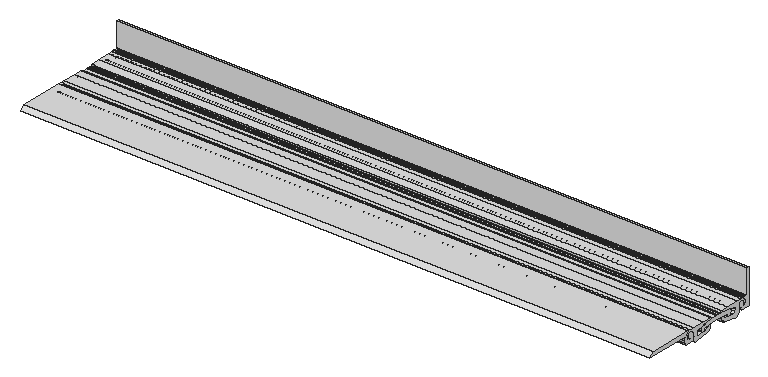
Revit family "Construction-Floors-Conecto-Aluminium Joints ALU AL.125.20", category Specialty Equipment, Revit 2015 (continued)
Definition of nested family "Standard"
  Automatic sketch dimensions
    Extrusion 25 sketch curve to Extrusion 25 sketch curve = 0.774 mm  (x2)
    Extrusion 25 sketch curve to Extrusion 25 sketch curve = 0.425 mm
    Extrusion 25 sketch curve to Extrusion 25 sketch curve = 0.097 mm
    Extrusion 25 sketch curve to Extrusion 25 sketch curve = 0.246 mm
    Extrusion 25 sketch curve to Extrusion 25 sketch curve = 0.831 mm
    Extrusion 25 sketch curve to Extrusion 25 sketch curve = 0.349 mm
    Extrusion 25 sketch curve to Extrusion 25 sketch curve = 0.778 mm
    Extrusion 25 sketch curve to Extrusion 25 sketch curve = 0.491 mm  (x2)
    plane 6 to Extrusion 25 sketch curve = 11.219 mm
    Extrusion 25 sketch curve to Extrusion 25 sketch curve = 0.697 mm
    Extrusion 25 sketch curve to Extrusion 25 sketch curve = 3.355 mm
    Extrusion 25 sketch curve to Extrusion 25 sketch curve = 0.719 mm
    Extrusion 25 sketch curve to Extrusion 25 sketch curve = 0.595 mm
    Extrusion 25 sketch curve to Extrusion 25 sketch curve = 0.952 mm
    Extrusion 25 sketch curve to Extrusion 25 sketch curve = 0.672 mm
    Extrusion 25 sketch curve to Extrusion 25 sketch curve = 0.908 mm
    Extrusion 25 sketch curve to Extrusion 25 sketch curve = 0.74 mm
    Extrusion 25 sketch curve to Extrusion 25 sketch curve = 0.885 mm  (x2)
    Extrusion 25 sketch curve to Extrusion 25 sketch curve = 0.607 mm
    Extrusion 25 sketch curve to Extrusion 25 sketch curve = 0.827 mm
    Extrusion 25 sketch curve to Extrusion 25 sketch curve = 0.459 mm
    Extrusion 25 sketch curve to Extrusion 25 sketch curve = 0.775 mm
    Extrusion 25 sketch curve to Extrusion 25 sketch curve = 0.787 mm
    Extrusion 25 sketch curve to Extrusion 25 sketch curve = 4.161 mm
    Extrusion 25 sketch curve to Extrusion 25 sketch curve = 2.296 mm
    Extrusion 25 sketch curve to Extrusion 25 sketch curve = 0.155 mm
    Extrusion 25 sketch curve to Extrusion 25 sketch curve = 2.645 mm
    Extrusion 25 sketch curve to Extrusion 25 sketch curve = 0.258 mm
    Extrusion 25 sketch curve to Extrusion 25 sketch curve = 0.789 mm
    Extrusion 25 sketch curve to Extrusion 25 sketch curve = 0.379 mm
    Extrusion 25 sketch curve to Extrusion 25 sketch curve = 0.889 mm
    Extrusion 25 sketch curve to Extrusion 25 sketch curve = 0.488 mm
    Extrusion 25 sketch curve to Extrusion 25 sketch curve = 0.741 mm
    Extrusion 25 sketch curve to Extrusion 25 sketch curve = 1.052 mm
    Extrusion 25 sketch curve to Extrusion 25 sketch curve = 0.656 mm  (x2)
    Extrusion 25 sketch curve to Extrusion 25 sketch curve = 0.298 mm
    Extrusion 25 sketch curve to Extrusion 25 sketch curve = 0.877 mm
    Extrusion 25 sketch curve to Extrusion 25 sketch curve = 0.492 mm
    Extrusion 25 sketch curve to Extrusion 25 sketch curve = 0.714 mm
    Extrusion 25 sketch curve to Extrusion 25 sketch curve = 0.767 mm
    Extrusion 25 sketch curve to Extrusion 25 sketch curve = 0.776 mm
    Extrusion 25 sketch curve to Extrusion 25 sketch curve = 0.629 mm
    Extrusion 25 sketch curve to Extrusion 25 sketch curve = 0.721 mm
    Extrusion 25 sketch curve to Extrusion 25 sketch curve = 0.523 mm
    Extrusion 25 sketch curve to Extrusion 25 sketch curve = 0.922 mm
    Extrusion 25 sketch curve to Extrusion 25 sketch curve = 0.347 mm
    Extrusion 25 sketch curve to Extrusion 25 sketch curve = 0.484 mm
    Extrusion 25 sketch curve to Extrusion 25 sketch curve = 0.085 mm
    Extrusion 25 sketch curve to Extrusion 25 sketch curve = 0.931 mm
    Extrusion 25 sketch curve to Extrusion 25 sketch curve = 0.833 mm
    plane 6 to Extrusion 25 sketch curve = 2.025 mm  (x2)
    Extrusion 25 sketch curve to Extrusion 25 sketch curve = 0.81 mm
    plane 6 to Extrusion 25 sketch curve = 0.891 mm  (x2)
    plane 6 to Extrusion 25 sketch curve = 0.11 mm
    Extrusion 25 sketch curve to Extrusion 25 sketch curve = 30.81 mm
    Extrusion 25 sketch curve to Extrusion 25 sketch curve = 4.279 mm
    Extrusion 25 sketch curve to Extrusion 25 sketch curve = 0.241 mm
    Extrusion 25 sketch curve to Extrusion 25 sketch curve = 0.255 mm
    Extrusion 25 sketch curve to Extrusion 25 sketch curve = 0.882 mm
    Extrusion 25 sketch curve to Extrusion 25 sketch curve = 1.898 mm
    Extrusion 25 sketch curve to Extrusion 25 sketch curve = 5.162 mm
    Extrusion 25 sketch curve to Extrusion 25 sketch curve = 0.794 mm
    Extrusion 25 sketch curve to Extrusion 25 sketch curve = 2.958 mm
    Extrusion 25 sketch curve to Extrusion 25 sketch curve = 0.406 mm
    Extrusion 25 sketch curve to Extrusion 25 sketch curve = 2.164 mm
    Extrusion 25 sketch curve to Extrusion 25 sketch curve = 0.749 mm
    Extrusion 25 sketch curve to Extrusion 25 sketch curve = 0.069 mm
    Extrusion 25 sketch curve to Extrusion 25 sketch curve = 0.151 mm
    Extrusion 25 sketch curve to Extrusion 25 sketch curve = 0.252 mm
    Extrusion 25 sketch curve to Extrusion 25 sketch curve = 0.38 mm
    Extrusion 25 sketch curve to Extrusion 25 sketch curve = 0.673 mm
    Extrusion 25 sketch curve to Extrusion 25 sketch curve = 3.295 mm  (x2)
    Extrusion 25 sketch curve to Extrusion 25 sketch curve = 0.993 mm
    Extrusion 25 sketch curve to Extrusion 25 sketch curve = 0.811 mm
    Extrusion 25 sketch curve to Extrusion 25 sketch curve = 0.804 mm
    Extrusion 25 sketch curve to Extrusion 25 sketch curve = 2.532 mm
    Extrusion 25 sketch curve to Extrusion 25 sketch curve = 0.601 mm
    Extrusion 25 sketch curve to Extrusion 25 sketch curve = 0.912 mm
    Extrusion 25 sketch curve to Extrusion 25 sketch curve = 0.917 mm
    Extrusion 25 sketch curve to Extrusion 25 sketch curve = 2.428 mm
    Extrusion 25 sketch curve to Extrusion 25 sketch curve = 0.795 mm
    Extrusion 25 sketch curve to Extrusion 25 sketch curve = 0.87 mm
    Extrusion 25 sketch curve to Extrusion 25 sketch curve = 2.001 mm
    Extrusion 25 sketch curve to Extrusion 25 sketch curve = 1.1 mm
    Extrusion 25 sketch curve to Extrusion 25 sketch curve = 1.105 mm
    Extrusion 25 sketch curve to Extrusion 25 sketch curve = 1.16 mm
    Extrusion 25 sketch curve to Extrusion 25 sketch curve = 0.798 mm
    Extrusion 25 sketch curve to Extrusion 25 sketch curve = 0.812 mm
    Extrusion 25 sketch curve to Extrusion 25 sketch curve = 1.3 mm
    Extrusion 25 sketch curve to Extrusion 25 sketch curve = 1.589 mm
    Extrusion 25 sketch curve to Extrusion 25 sketch curve = 0.729 mm
    Extrusion 25 sketch curve to Extrusion 25 sketch curve = 0.181 mm
    Extrusion 25 sketch curve to Extrusion 25 sketch curve = 0.71 mm
    Extrusion 25 sketch curve to Extrusion 25 sketch curve = 0.699 mm
    Extrusion 25 sketch curve to Extrusion 25 sketch curve = 0.638 mm
    Extrusion 25 sketch curve to Extrusion 25 sketch curve = 0.506 mm
    Extrusion 25 sketch curve to Extrusion 25 sketch curve = 0.373 mm
    Extrusion 25 sketch curve to Extrusion 25 sketch curve = 0.208 mm
    Extrusion 25 sketch curve to Extrusion 25 sketch curve = 0.144 mm
    Extrusion 25 sketch curve to Extrusion 25 sketch curve = 1.895 mm
    Extrusion 25 sketch curve to Extrusion 25 sketch curve = 0.735 mm
    Extrusion 25 sketch curve to Extrusion 25 sketch curve = 1.073 mm  (x2)
    Extrusion 25 sketch curve to Extrusion 25 sketch curve = 0.031 mm
    Extrusion 25 sketch curve to Extrusion 25 sketch curve = 0.237 mm
    Extrusion 25 sketch curve to Extrusion 25 sketch curve = 0.765 mm
    Extrusion 25 sketch curve to Extrusion 25 sketch curve = 1.007 mm
    plane 6 to Extrusion 26 sketch curve = 76.279 mm
    Extrusion 26 sketch curve to Extrusion 26 sketch curve = 0.134 mm
    Extrusion 26 sketch curve to Extrusion 26 sketch curve = 0.685 mm  (x2)
    Extrusion 26 sketch curve to Extrusion 26 sketch curve = 0.826 mm
    Extrusion 26 sketch curve to Extrusion 26 sketch curve = 1.425 mm
    Extrusion 26 sketch curve to Extrusion 26 sketch curve = 2.047 mm
    plane 6 to Extrusion 26 sketch curve = 16.442 mm
    Extrusion 26 sketch curve to Extrusion 26 sketch curve = 0.009 mm
    Extrusion 26 sketch curve to Extrusion 26 sketch curve = 0.041 mm
    Extrusion 26 sketch curve to Extrusion 26 sketch curve = 0.911 mm  (x2)
    Extrusion 26 sketch curve to Extrusion 26 sketch curve = 2.3 mm
    Extrusion 26 sketch curve to Extrusion 26 sketch curve = 2.339 mm
    Extrusion 26 sketch curve to Extrusion 26 sketch curve = 0.027 mm
    Extrusion 26 sketch curve to Extrusion 26 sketch curve = 0.499 mm
    Extrusion 26 sketch curve to Extrusion 26 sketch curve = 0.837 mm
    Extrusion 26 sketch curve to Extrusion 26 sketch curve = 0.786 mm  (x2)
    Extrusion 26 sketch curve to Extrusion 26 sketch curve = 0.774 mm  (x2)
    Extrusion 26 sketch curve to Extrusion 26 sketch curve = 0.425 mm
    Extrusion 26 sketch curve to Extrusion 26 sketch curve = 0.097 mm
    Extrusion 26 sketch curve to Extrusion 26 sketch curve = 0.246 mm  (x2)
    Extrusion 26 sketch curve to Extrusion 26 sketch curve = 0.831 mm
    Extrusion 26 sketch curve to Extrusion 26 sketch curve = 0.349 mm
    Extrusion 26 sketch curve to Extrusion 26 sketch curve = 0.778 mm
    Extrusion 26 sketch curve to Extrusion 26 sketch curve = 0.491 mm  (x2)
    plane 6 to Extrusion 26 sketch curve = 11.178 mm
    Extrusion 26 sketch curve to Extrusion 26 sketch curve = 0.697 mm
    Extrusion 26 sketch curve to Extrusion 26 sketch curve = 3.355 mm
    Extrusion 26 sketch curve to Extrusion 26 sketch curve = 0.719 mm
    Extrusion 26 sketch curve to Extrusion 26 sketch curve = 0.595 mm
    Extrusion 26 sketch curve to Extrusion 26 sketch curve = 0.672 mm
    Extrusion 26 sketch curve to Extrusion 26 sketch curve = 0.908 mm
    Extrusion 26 sketch curve to Extrusion 26 sketch curve = 1.394 mm
    Extrusion 26 sketch curve to Extrusion 26 sketch curve = 0.74 mm
    Extrusion 26 sketch curve to Extrusion 26 sketch curve = 0.885 mm  (x2)
    Extrusion 26 sketch curve to Extrusion 26 sketch curve = 0.607 mm
    Extrusion 26 sketch curve to Extrusion 26 sketch curve = 0.827 mm
    Extrusion 26 sketch curve to Extrusion 26 sketch curve = 0.459 mm
    Extrusion 26 sketch curve to Extrusion 26 sketch curve = 0.775 mm
    Extrusion 26 sketch curve to Extrusion 26 sketch curve = 1.332 mm
    Extrusion 26 sketch curve to Extrusion 26 sketch curve = 0.787 mm
    Extrusion 26 sketch curve to Extrusion 26 sketch curve = 4.161 mm
    Extrusion 26 sketch curve to Extrusion 26 sketch curve = 0.155 mm
    Extrusion 26 sketch curve to Extrusion 26 sketch curve = 2.645 mm
    Extrusion 26 sketch curve to Extrusion 26 sketch curve = 0.258 mm
    Extrusion 26 sketch curve to Extrusion 26 sketch curve = 0.789 mm
    Extrusion 26 sketch curve to Extrusion 26 sketch curve = 0.379 mm
    Extrusion 26 sketch curve to Extrusion 26 sketch curve = 1.017 mm
    Extrusion 26 sketch curve to Extrusion 26 sketch curve = 0.889 mm  (x2)
    Extrusion 26 sketch curve to Extrusion 26 sketch curve = 0.488 mm
    Extrusion 26 sketch curve to Extrusion 26 sketch curve = 0.741 mm
    Extrusion 26 sketch curve to Extrusion 26 sketch curve = 0.656 mm  (x2)
    Extrusion 26 sketch curve to Extrusion 26 sketch curve = 0.298 mm
    Extrusion 26 sketch curve to Extrusion 26 sketch curve = 0.877 mm
    Extrusion 26 sketch curve to Extrusion 26 sketch curve = 0.492 mm
    Extrusion 26 sketch curve to Extrusion 26 sketch curve = 0.714 mm
    Extrusion 26 sketch curve to Extrusion 26 sketch curve = 0.376 mm
    Extrusion 26 sketch curve to Extrusion 26 sketch curve = 0.776 mm
    Extrusion 26 sketch curve to Extrusion 26 sketch curve = 0.629 mm
    Extrusion 26 sketch curve to Extrusion 26 sketch curve = 0.721 mm
    Extrusion 26 sketch curve to Extrusion 26 sketch curve = 0.523 mm
    Extrusion 26 sketch curve to Extrusion 26 sketch curve = 0.922 mm
    Extrusion 26 sketch curve to Extrusion 26 sketch curve = 0.347 mm
    Extrusion 26 sketch curve to Extrusion 26 sketch curve = 0.484 mm
    Extrusion 26 sketch curve to Extrusion 26 sketch curve = 0.085 mm
    Extrusion 26 sketch curve to Extrusion 26 sketch curve = 0.931 mm
    Extrusion 26 sketch curve to Extrusion 26 sketch curve = 0.833 mm
    plane 6 to Extrusion 26 sketch curve = 2.043 mm  (x2)
    Extrusion 26 sketch curve to Extrusion 26 sketch curve = 0.81 mm
    plane 6 to Extrusion 26 sketch curve = 0.908 mm  (x2)
    plane 6 to Extrusion 26 sketch curve = 0.127 mm
    Extrusion 26 sketch curve to Extrusion 26 sketch curve = 4.284 mm
    Extrusion 26 sketch curve to Extrusion 26 sketch curve = 0.117 mm
    Extrusion 26 sketch curve to Extrusion 26 sketch curve = 0.37 mm
    Extrusion 26 sketch curve to Extrusion 26 sketch curve = 1.059 mm
    Extrusion 26 sketch curve to Extrusion 26 sketch curve = 1.033 mm
    Extrusion 26 sketch curve to Extrusion 26 sketch curve = 5.162 mm
    Extrusion 26 sketch curve to Extrusion 26 sketch curve = 0.794 mm
    Extrusion 26 sketch curve to Extrusion 26 sketch curve = 2.958 mm
    Extrusion 26 sketch curve to Extrusion 26 sketch curve = 0.406 mm
    Extrusion 26 sketch curve to Extrusion 26 sketch curve = 2.164 mm
    Extrusion 26 sketch curve to Extrusion 26 sketch curve = 0.749 mm
    Extrusion 26 sketch curve to Extrusion 26 sketch curve = 0.069 mm
    Extrusion 26 sketch curve to Extrusion 26 sketch curve = 0.151 mm
    Extrusion 26 sketch curve to Extrusion 26 sketch curve = 0.252 mm
    Extrusion 26 sketch curve to Extrusion 26 sketch curve = 0.38 mm
    Extrusion 26 sketch curve to Extrusion 26 sketch curve = 0.673 mm
    Extrusion 26 sketch curve to Extrusion 26 sketch curve = 3.295 mm  (x2)
    Extrusion 26 sketch curve to Extrusion 26 sketch curve = 0.993 mm
    Extrusion 26 sketch curve to Extrusion 26 sketch curve = 0.811 mm
    Extrusion 26 sketch curve to Extrusion 26 sketch curve = 0.804 mm
    Extrusion 26 sketch curve to Extrusion 26 sketch curve = 2.532 mm
    Extrusion 26 sketch curve to Extrusion 26 sketch curve = 0.302 mm
    Extrusion 26 sketch curve to Extrusion 26 sketch curve = 0.912 mm
    Extrusion 26 sketch curve to Extrusion 26 sketch curve = 0.917 mm
    Extrusion 26 sketch curve to Extrusion 26 sketch curve = 2.428 mm
    Extrusion 26 sketch curve to Extrusion 26 sketch curve = 0.795 mm
    Extrusion 26 sketch curve to Extrusion 26 sketch curve = 0.87 mm
    Extrusion 26 sketch curve to Extrusion 26 sketch curve = 2.001 mm
    Extrusion 26 sketch curve to Extrusion 26 sketch curve = 1.1 mm
    Extrusion 26 sketch curve to Extrusion 26 sketch curve = 1.105 mm
    Extrusion 26 sketch curve to Extrusion 26 sketch curve = 1.16 mm
    Extrusion 26 sketch curve to Extrusion 26 sketch curve = 0.798 mm
    Extrusion 26 sketch curve to Extrusion 26 sketch curve = 0.812 mm
    Extrusion 26 sketch curve to Extrusion 26 sketch curve = 1.3 mm
    Extrusion 26 sketch curve to Extrusion 26 sketch curve = 1.589 mm
    Extrusion 26 sketch curve to Extrusion 26 sketch curve = 0.729 mm
    Extrusion 26 sketch curve to Extrusion 26 sketch curve = 0.181 mm
    Extrusion 26 sketch curve to Extrusion 26 sketch curve = 0.71 mm
    Extrusion 26 sketch curve to Extrusion 26 sketch curve = 0.699 mm
    Extrusion 26 sketch curve to Extrusion 26 sketch curve = 0.638 mm
    Extrusion 26 sketch curve to Extrusion 26 sketch curve = 0.506 mm
    Extrusion 26 sketch curve to Extrusion 26 sketch curve = 0.373 mm
    Extrusion 26 sketch curve to Extrusion 26 sketch curve = 0.208 mm
    Extrusion 26 sketch curve to Extrusion 26 sketch curve = 0.144 mm
    Extrusion 26 sketch curve to Extrusion 26 sketch curve = 1.895 mm
    Extrusion 26 sketch curve to Extrusion 26 sketch curve = 0.735 mm
    Extrusion 26 sketch curve to Extrusion 26 sketch curve = 1.073 mm  (x2)
    Extrusion 26 sketch curve to Extrusion 26 sketch curve = 0.031 mm
    Extrusion 26 sketch curve to Extrusion 26 sketch curve = 0.237 mm
    Extrusion 26 sketch curve to Extrusion 26 sketch curve = 0.765 mm
    Extrusion 26 sketch curve to Extrusion 26 sketch curve = 2.288 mm
    Extrusion 27 sketch curve to plane 6 = 0 mm
    plane 6 to Extrusion 27 sketch curve = 0.317 mm
    plane 6 to Extrusion 27 sketch curve = 0.661 mm
    plane 6 to Extrusion 27 sketch curve = 0.997 mm
    Extrusion 27 sketch curve to Extrusion 27 sketch curve = 0.977 mm
    Extrusion 27 sketch curve to Extrusion 27 sketch curve = 1.018 mm
    Extrusion 27 sketch curve to Extrusion 27 sketch curve = 1.002 mm
    Extrusion 27 sketch curve to Extrusion 27 sketch curve = 1.162 mm
    Extrusion 27 sketch curve to Extrusion 27 sketch curve = 0.845 mm
    plane 6 to Extrusion 27 sketch curve = 6.802 mm
    Extrusion 27 sketch curve to Extrusion 27 sketch curve = 0.16 mm
    Extrusion 27 sketch curve to Extrusion 27 sketch curve = 1.009 mm
    Extrusion 27 sketch curve to Extrusion 27 sketch curve = 0.625 mm
    Extrusion 27 sketch curve to Extrusion 27 sketch curve = 0.516 mm
    Extrusion 27 sketch curve to Extrusion 27 sketch curve = 0.635 mm
    Extrusion 27 sketch curve to Extrusion 27 sketch curve = 0.289 mm
    Extrusion 27 sketch curve to Extrusion 27 sketch curve = 0.373 mm
    Extrusion 27 sketch curve to Extrusion 27 sketch curve = 0.077 mm
    Extrusion 27 sketch curve to Extrusion 27 sketch curve = 3.01 mm
    Extrusion 27 sketch curve to Extrusion 27 sketch curve = 0.17 mm
    Extrusion 27 sketch curve to Extrusion 27 sketch curve = 3.066 mm
    Extrusion 27 sketch curve to Extrusion 27 sketch curve = 1.906 mm
    Extrusion 27 sketch curve to Extrusion 27 sketch curve = 0.766 mm
    Extrusion 27 sketch curve to Extrusion 27 sketch curve = 0.379 mm
    Extrusion 27 sketch curve to Extrusion 27 sketch curve = 0.528 mm
    Extrusion 27 sketch curve to Extrusion 27 sketch curve = 0.965 mm
    Extrusion 27 sketch curve to Extrusion 27 sketch curve = 0.696 mm
    Extrusion 27 sketch curve to Extrusion 27 sketch curve = 0.241 mm
    Extrusion 27 sketch curve to Extrusion 27 sketch curve = 0.175 mm
    Extrusion 27 sketch curve to Extrusion 27 sketch curve = 2.045 mm
    Extrusion 27 sketch curve to Extrusion 27 sketch curve = 1.039 mm
    Extrusion 27 sketch curve to Extrusion 27 sketch curve = 1.103 mm
    Extrusion 27 sketch curve to Extrusion 27 sketch curve = 0.798 mm
    Extrusion 27 sketch curve to Extrusion 27 sketch curve = 0.732 mm
    Extrusion 27 sketch curve to Extrusion 27 sketch curve = 0.662 mm
    Extrusion 27 sketch curve to Extrusion 27 sketch curve = 0.349 mm
    Extrusion 27 sketch curve to Extrusion 27 sketch curve = 4.02 mm
    Extrusion 27 sketch curve to Extrusion 27 sketch curve = 0.832 mm
    Extrusion 27 sketch curve to Extrusion 27 sketch curve = 0.298 mm
    Extrusion 27 sketch curve to Extrusion 27 sketch curve = 0.306 mm
    Extrusion 27 sketch curve to Extrusion 27 sketch curve = 0.729 mm
    Extrusion 27 sketch curve to Extrusion 27 sketch curve = 0.775 mm
    Extrusion 27 sketch curve to Extrusion 27 sketch curve = 1.062 mm
    Extrusion 27 sketch curve to Extrusion 27 sketch curve = 1.113 mm
    Extrusion 27 sketch curve to Extrusion 27 sketch curve = 2.023 mm
    Extrusion 27 sketch curve to Extrusion 27 sketch curve = 54.732 mm
    Extrusion 27 sketch curve to Extrusion 27 sketch curve = 7.796 mm
    Extrusion 27 sketch curve to Extrusion 27 sketch curve = 0.76 mm
    Extrusion 27 sketch curve to Extrusion 27 sketch curve = 0.824 mm
    Extrusion 27 sketch curve to Extrusion 27 sketch curve = 0.907 mm
    Extrusion 27 sketch curve to Extrusion 27 sketch curve = 1.22 mm
    Extrusion 27 sketch curve to Extrusion 27 sketch curve = 2.629 mm
    Extrusion 27 sketch curve to Extrusion 27 sketch curve = 0.878 mm
    Extrusion 27 sketch curve to Extrusion 27 sketch curve = 0.93 mm
    Extrusion 27 sketch curve to Extrusion 27 sketch curve = 1.667 mm
    Extrusion 27 sketch curve to Extrusion 27 sketch curve = 1.629 mm
    Extrusion 27 sketch curve to Extrusion 27 sketch curve = 0.794 mm
    Extrusion 27 sketch curve to Extrusion 27 sketch curve = 0.971 mm
    Extrusion 27 sketch curve to Extrusion 27 sketch curve = 1.003 mm
    Extrusion 27 sketch curve to Extrusion 27 sketch curve = 0.737 mm
    Extrusion 27 sketch curve to Extrusion 27 sketch curve = 1.239 mm
    Extrusion 27 sketch curve to Extrusion 27 sketch curve = 0.423 mm
    Extrusion 27 sketch curve to Extrusion 27 sketch curve = 0.543 mm
    Extrusion 27 sketch curve to Extrusion 27 sketch curve = 0.849 mm
    Extrusion 27 sketch curve to Extrusion 27 sketch curve = 0.788 mm
    Extrusion 27 sketch curve to Extrusion 27 sketch curve = 0.386 mm
    Extrusion 27 sketch curve to Extrusion 27 sketch curve = 0.039 mm
    Extrusion 27 sketch curve to Extrusion 27 sketch curve = 0.749 mm
    Extrusion 27 sketch curve to Extrusion 27 sketch curve = 0.475 mm
    Extrusion 27 sketch curve to Extrusion 27 sketch curve = 0.394 mm
    Extrusion 27 sketch curve to Extrusion 27 sketch curve = 0.105 mm
    Extrusion 27 sketch curve to Extrusion 27 sketch curve = 1.841 mm
    Extrusion 27 sketch curve to Extrusion 27 sketch curve = 0.909 mm  (x2)
    Extrusion 27 sketch curve to Extrusion 27 sketch curve = 0.813 mm
    Extrusion 27 sketch curve to Extrusion 27 sketch curve = 0.946 mm
    Extrusion 27 sketch curve to Extrusion 27 sketch curve = 0.488 mm
    Extrusion 27 sketch curve to Extrusion 27 sketch curve = 1.614 mm
    plane 6 to Extrusion 28 sketch curve = 74.384 mm
    Extrusion 28 sketch curve to Extrusion 28 sketch curve = 0.43 mm
    Extrusion 28 sketch curve to Extrusion 28 sketch curve = 0.937 mm  (x2)
    Extrusion 28 sketch curve to Extrusion 28 sketch curve = 2.098 mm
    Extrusion 28 sketch curve to Extrusion 28 sketch curve = 1.054 mm  (x2)
    plane 6 to Extrusion 28 sketch curve = 17.576 mm
    Extrusion 28 sketch curve to Extrusion 28 sketch curve = 0.775 mm
    Extrusion 28 sketch curve to Extrusion 28 sketch curve = 0.377 mm
    Extrusion 28 sketch curve to Extrusion 28 sketch curve = 2.284 mm
    Extrusion 28 sketch curve to Extrusion 28 sketch curve = 0.065 mm
    Extrusion 28 sketch curve to Extrusion 28 sketch curve = 0.485 mm
    Extrusion 28 sketch curve to Extrusion 28 sketch curve = 0.623 mm  (x2)
    Extrusion 28 sketch curve to Extrusion 28 sketch curve = 1.105 mm
    Extrusion 28 sketch curve to Extrusion 28 sketch curve = 1.02 mm
    Extrusion 28 sketch curve to Extrusion 28 sketch curve = 0.107 mm
    Extrusion 28 sketch curve to Extrusion 28 sketch curve = 0.272 mm
    Extrusion 28 sketch curve to Extrusion 28 sketch curve = 0.182 mm
    Extrusion 28 sketch curve to Extrusion 28 sketch curve = 0.098 mm
    Extrusion 28 sketch curve to Extrusion 28 sketch curve = 0.591 mm
    Extrusion 28 sketch curve to Extrusion 28 sketch curve = 0.332 mm
    Extrusion 28 sketch curve to Extrusion 28 sketch curve = 0.589 mm
    Extrusion 28 sketch curve to Extrusion 28 sketch curve = 2.296 mm
    Extrusion 28 sketch curve to Extrusion 28 sketch curve = 4.118 mm
    Extrusion 28 sketch curve to Extrusion 28 sketch curve = 0.069 mm
    Extrusion 28 sketch curve to Extrusion 28 sketch curve = 0.189 mm
    Extrusion 28 sketch curve to Extrusion 28 sketch curve = 0.132 mm
    Extrusion 28 sketch curve to Extrusion 28 sketch curve = 0.433 mm
    Extrusion 28 sketch curve to Extrusion 28 sketch curve = 0.556 mm
    Extrusion 28 sketch curve to Extrusion 28 sketch curve = 0.586 mm
    Extrusion 28 sketch curve to Extrusion 28 sketch curve = 0.467 mm
    Extrusion 28 sketch curve to Extrusion 28 sketch curve = 0.54 mm
    Extrusion 28 sketch curve to Extrusion 28 sketch curve = 0.734 mm
    Extrusion 28 sketch curve to Extrusion 28 sketch curve = 0.731 mm
    Extrusion 28 sketch curve to Extrusion 28 sketch curve = 0.807 mm
    Extrusion 28 sketch curve to Extrusion 28 sketch curve = 0.833 mm
    Extrusion 28 sketch curve to Extrusion 28 sketch curve = 0.78 mm
    Extrusion 28 sketch curve to Extrusion 28 sketch curve = 0.732 mm
    Extrusion 28 sketch curve to Extrusion 28 sketch curve = 0.914 mm
    plane 6 to Extrusion 28 sketch curve = 0.641 mm
    plane 6 to Extrusion 28 sketch curve = 0.242 mm
    Extrusion 28 sketch curve to Extrusion 28 sketch curve = 0.531 mm
    Extrusion 28 sketch curve to Extrusion 28 sketch curve = 0.532 mm
    Extrusion 28 sketch curve to Extrusion 28 sketch curve = 0.709 mm
    Extrusion 28 sketch curve to Extrusion 28 sketch curve = 0.883 mm
    Extrusion 28 sketch curve to Extrusion 28 sketch curve = 0.643 mm
    Extrusion 28 sketch curve to Extrusion 28 sketch curve = 0.964 mm
    Extrusion 28 sketch curve to Extrusion 28 sketch curve = 0.834 mm
    Extrusion 28 sketch curve to Extrusion 28 sketch curve = 2.188 mm
    Extrusion 28 sketch curve to Extrusion 28 sketch curve = 0.784 mm
    Extrusion 28 sketch curve to Extrusion 28 sketch curve = 1.019 mm
    Extrusion 28 sketch curve to Extrusion 28 sketch curve = 0.89 mm
    Extrusion 28 sketch curve to Extrusion 28 sketch curve = 1.097 mm
    Extrusion 28 sketch curve to Extrusion 28 sketch curve = 0.938 mm
    Extrusion 28 sketch curve to Extrusion 28 sketch curve = 1.103 mm
    Extrusion 28 sketch curve to Extrusion 28 sketch curve = 0.798 mm
    Extrusion 28 sketch curve to Extrusion 28 sketch curve = 1.151 mm
    Extrusion 28 sketch curve to Extrusion 28 sketch curve = 0.621 mm
    Extrusion 28 sketch curve to Extrusion 28 sketch curve = 0.495 mm
    Extrusion 28 sketch curve to Extrusion 28 sketch curve = 0.64 mm
    Extrusion 28 sketch curve to Extrusion 28 sketch curve = 0.31 mm
    Extrusion 28 sketch curve to Extrusion 28 sketch curve = 0.281 mm
    Extrusion 28 sketch curve to Extrusion 28 sketch curve = 0.157 mm
    Extrusion 28 sketch curve to Extrusion 28 sketch curve = 0.166 mm
    Extrusion 28 sketch curve to Extrusion 28 sketch curve = 0.93 mm
    Extrusion 28 sketch curve to Extrusion 28 sketch curve = 1.828 mm
    Extrusion 28 sketch curve to Extrusion 28 sketch curve = 1.04 mm
    Extrusion 28 sketch curve to Extrusion 28 sketch curve = 0.911 mm
    Extrusion 28 sketch curve to Extrusion 28 sketch curve = 0.491 mm
    Extrusion 28 sketch curve to Extrusion 28 sketch curve = 1.053 mm
    Extrusion 28 sketch curve to Extrusion 28 sketch curve = 1.425 mm
    plane 6 to Extrusion 29 sketch curve = 74.364 mm
    Extrusion 29 sketch curve to Extrusion 29 sketch curve = 0.43 mm
    Extrusion 29 sketch curve to Extrusion 29 sketch curve = 2.098 mm
    Extrusion 29 sketch curve to Extrusion 29 sketch curve = 1.054 mm  (x2)
    plane 6 to Extrusion 29 sketch curve = 17.556 mm
    Extrusion 29 sketch curve to Extrusion 29 sketch curve = 0.775 mm
    Extrusion 29 sketch curve to Extrusion 29 sketch curve = 0.377 mm
    Extrusion 29 sketch curve to Extrusion 29 sketch curve = 2.284 mm
    Extrusion 29 sketch curve to Extrusion 29 sketch curve = 0.065 mm
    Extrusion 29 sketch curve to Extrusion 29 sketch curve = 0.485 mm
    Extrusion 29 sketch curve to Extrusion 29 sketch curve = 0.623 mm  (x2)
    Extrusion 29 sketch curve to Extrusion 29 sketch curve = 1.105 mm
    Extrusion 29 sketch curve to Extrusion 29 sketch curve = 1.02 mm
    Extrusion 29 sketch curve to Extrusion 29 sketch curve = 0.107 mm
    Extrusion 29 sketch curve to Extrusion 29 sketch curve = 0.272 mm
    Extrusion 29 sketch curve to Extrusion 29 sketch curve = 0.182 mm
    Extrusion 29 sketch curve to Extrusion 29 sketch curve = 0.098 mm
    Extrusion 29 sketch curve to Extrusion 29 sketch curve = 4.529 mm
    Extrusion 29 sketch curve to Extrusion 29 sketch curve = 0.102 mm
    Extrusion 29 sketch curve to Extrusion 29 sketch curve = 0.291 mm
    Extrusion 29 sketch curve to Extrusion 29 sketch curve = 0.591 mm
    Extrusion 29 sketch curve to Extrusion 29 sketch curve = 0.304 mm
    Extrusion 29 sketch curve to Extrusion 29 sketch curve = 0.332 mm
    Extrusion 29 sketch curve to Extrusion 29 sketch curve = 0.574 mm
    Extrusion 29 sketch curve to Extrusion 29 sketch curve = 0.589 mm
    Extrusion 29 sketch curve to Extrusion 29 sketch curve = 0.534 mm
    Extrusion 29 sketch curve to Extrusion 29 sketch curve = 0.778 mm
    Extrusion 29 sketch curve to Extrusion 29 sketch curve = 2.296 mm
    Extrusion 29 sketch curve to Extrusion 29 sketch curve = 1.352 mm
    Extrusion 29 sketch curve to Extrusion 29 sketch curve = 4.118 mm
    Extrusion 29 sketch curve to Extrusion 29 sketch curve = 0.069 mm
    Extrusion 29 sketch curve to Extrusion 29 sketch curve = 0.189 mm
    Extrusion 29 sketch curve to Extrusion 29 sketch curve = 0.132 mm
    Extrusion 29 sketch curve to Extrusion 29 sketch curve = 0.433 mm
    Extrusion 29 sketch curve to Extrusion 29 sketch curve = 1.397 mm
    Extrusion 29 sketch curve to Extrusion 29 sketch curve = 0.556 mm
    Extrusion 29 sketch curve to Extrusion 29 sketch curve = 0.586 mm
    Extrusion 29 sketch curve to Extrusion 29 sketch curve = 0.467 mm
    Extrusion 29 sketch curve to Extrusion 29 sketch curve = 0.54 mm
    Extrusion 29 sketch curve to Extrusion 29 sketch curve = 4.097 mm
    Extrusion 29 sketch curve to Extrusion 29 sketch curve = 0.116 mm
    Extrusion 29 sketch curve to Extrusion 29 sketch curve = 1.064 mm
    Extrusion 29 sketch curve to Extrusion 29 sketch curve = 0.693 mm
    Extrusion 29 sketch curve to Extrusion 29 sketch curve = 0.734 mm  (x2)
    Extrusion 29 sketch curve to Extrusion 29 sketch curve = 0.249 mm
    Extrusion 29 sketch curve to Extrusion 29 sketch curve = 0.731 mm
    Extrusion 29 sketch curve to Extrusion 29 sketch curve = 0.807 mm
    Extrusion 29 sketch curve to Extrusion 29 sketch curve = 0.833 mm
    Extrusion 29 sketch curve to Extrusion 29 sketch curve = 0.78 mm
    Extrusion 29 sketch curve to Extrusion 29 sketch curve = 0.732 mm
    Extrusion 29 sketch curve to Extrusion 29 sketch curve = 0.914 mm
    plane 6 to Extrusion 29 sketch curve = 0.621 mm
    plane 6 to Extrusion 29 sketch curve = 0.222 mm
    Extrusion 29 sketch curve to Extrusion 29 sketch curve = 0.006 mm
    Extrusion 29 sketch curve to Extrusion 29 sketch curve = 0.829 mm
    Extrusion 29 sketch curve to Extrusion 29 sketch curve = 0.931 mm
    Extrusion 29 sketch curve to Extrusion 29 sketch curve = 0.856 mm
    Extrusion 29 sketch curve to Extrusion 29 sketch curve = 0.688 mm
    Extrusion 29 sketch curve to Extrusion 29 sketch curve = 1.414 mm
    Extrusion 29 sketch curve to Extrusion 29 sketch curve = 0.532 mm
    Extrusion 29 sketch curve to Extrusion 29 sketch curve = 0.883 mm
    Extrusion 29 sketch curve to Extrusion 29 sketch curve = 0.643 mm
    Extrusion 29 sketch curve to Extrusion 29 sketch curve = 0.964 mm
    Extrusion 29 sketch curve to Extrusion 29 sketch curve = 0.834 mm
    Extrusion 29 sketch curve to Extrusion 29 sketch curve = 2.188 mm
    Extrusion 29 sketch curve to Extrusion 29 sketch curve = 0.784 mm
    Extrusion 29 sketch curve to Extrusion 29 sketch curve = 1.019 mm
    Extrusion 29 sketch curve to Extrusion 29 sketch curve = 0.89 mm
    Extrusion 29 sketch curve to Extrusion 29 sketch curve = 1.097 mm
    Extrusion 29 sketch curve to Extrusion 29 sketch curve = 0.938 mm
    Extrusion 29 sketch curve to Extrusion 29 sketch curve = 1.103 mm
    Extrusion 29 sketch curve to Extrusion 29 sketch curve = 0.798 mm
    Extrusion 29 sketch curve to Extrusion 29 sketch curve = 1.151 mm
    Extrusion 29 sketch curve to Extrusion 29 sketch curve = 0.621 mm
    Extrusion 29 sketch curve to Extrusion 29 sketch curve = 0.495 mm
    Extrusion 29 sketch curve to Extrusion 29 sketch curve = 0.64 mm
    Extrusion 29 sketch curve to Extrusion 29 sketch curve = 0.31 mm
    Extrusion 29 sketch curve to Extrusion 29 sketch curve = 0.281 mm
    Extrusion 29 sketch curve to Extrusion 29 sketch curve = 0.157 mm
    Extrusion 29 sketch curve to Extrusion 29 sketch curve = 0.166 mm
    Extrusion 29 sketch curve to Extrusion 29 sketch curve = 0.93 mm
    Extrusion 29 sketch curve to Extrusion 29 sketch curve = 1.828 mm
    Extrusion 29 sketch curve to Extrusion 29 sketch curve = 1.04 mm
    Extrusion 29 sketch curve to Extrusion 29 sketch curve = 0.911 mm
    Extrusion 29 sketch curve to Extrusion 29 sketch curve = 0.491 mm
    Extrusion 29 sketch curve to Extrusion 29 sketch curve = 1.053 mm
    Extrusion 29 sketch curve to Extrusion 29 sketch curve = 2.626 mm
    plane 6 to Extrusion 30 sketch curve = 74.226 mm
    Extrusion 30 sketch curve to Extrusion 30 sketch curve = 0.749 mm
    Extrusion 30 sketch curve to Extrusion 30 sketch curve = 1.78 mm
    Extrusion 30 sketch curve to Extrusion 30 sketch curve = 1.537 mm
    Extrusion 30 sketch curve to Extrusion 30 sketch curve = 1.854 mm
    plane 6 to Extrusion 30 sketch curve = 16.416 mm
    Extrusion 30 sketch curve to Extrusion 30 sketch curve = 0.43 mm
    Extrusion 30 sketch curve to Extrusion 30 sketch curve = 2.284 mm
    Extrusion 30 sketch curve to Extrusion 30 sketch curve = 0.065 mm
    Extrusion 30 sketch curve to Extrusion 30 sketch curve = 0.485 mm
    Extrusion 30 sketch curve to Extrusion 30 sketch curve = 0.623 mm  (x2)
    Extrusion 30 sketch curve to Extrusion 30 sketch curve = 3.012 mm
    Extrusion 30 sketch curve to Extrusion 30 sketch curve = 3.271 mm
    Extrusion 30 sketch curve to Extrusion 30 sketch curve = 1.105 mm
    Extrusion 30 sketch curve to Extrusion 30 sketch curve = 1.02 mm
    Extrusion 30 sketch curve to Extrusion 30 sketch curve = 0.107 mm
    Extrusion 30 sketch curve to Extrusion 30 sketch curve = 0.272 mm
    Extrusion 30 sketch curve to Extrusion 30 sketch curve = 0.182 mm
    Extrusion 30 sketch curve to Extrusion 30 sketch curve = 0.098 mm
    Extrusion 30 sketch curve to Extrusion 30 sketch curve = 0.803 mm
    Extrusion 30 sketch curve to Extrusion 30 sketch curve = 1.154 mm
    Extrusion 30 sketch curve to Extrusion 30 sketch curve = 0.591 mm  (x2)
    Extrusion 30 sketch curve to Extrusion 30 sketch curve = 1.054 mm
    Extrusion 30 sketch curve to Extrusion 30 sketch curve = 0.626 mm
    Extrusion 30 sketch curve to Extrusion 30 sketch curve = 0.332 mm
    Extrusion 30 sketch curve to Extrusion 30 sketch curve = 0.589 mm
    Extrusion 30 sketch curve to Extrusion 30 sketch curve = 0.908 mm
    Extrusion 30 sketch curve to Extrusion 30 sketch curve = 2.519 mm
    Extrusion 30 sketch curve to Extrusion 30 sketch curve = 2.296 mm
    Extrusion 30 sketch curve to Extrusion 30 sketch curve = 1.233 mm
    Extrusion 30 sketch curve to Extrusion 30 sketch curve = 4.118 mm
    Extrusion 30 sketch curve to Extrusion 30 sketch curve = 0.069 mm
    Extrusion 30 sketch curve to Extrusion 30 sketch curve = 0.189 mm
    Extrusion 30 sketch curve to Extrusion 30 sketch curve = 0.132 mm
    Extrusion 30 sketch curve to Extrusion 30 sketch curve = 1.181 mm
    Extrusion 30 sketch curve to Extrusion 30 sketch curve = 0.433 mm
    Extrusion 30 sketch curve to Extrusion 30 sketch curve = 0.556 mm
    Extrusion 30 sketch curve to Extrusion 30 sketch curve = 0.586 mm
    Extrusion 30 sketch curve to Extrusion 30 sketch curve = 2.086 mm
    Extrusion 30 sketch curve to Extrusion 30 sketch curve = 0.54 mm
    Extrusion 30 sketch curve to Extrusion 30 sketch curve = 1.13 mm
    Extrusion 30 sketch curve to Extrusion 30 sketch curve = 0.926 mm
    Extrusion 30 sketch curve to Extrusion 30 sketch curve = 0.734 mm
    Extrusion 30 sketch curve to Extrusion 30 sketch curve = 0.939 mm  (x2)
    Extrusion 30 sketch curve to Extrusion 30 sketch curve = 0.654 mm
    Extrusion 30 sketch curve to Extrusion 30 sketch curve = 0.731 mm
    Extrusion 30 sketch curve to Extrusion 30 sketch curve = 0.456 mm
    Extrusion 30 sketch curve to Extrusion 30 sketch curve = 0.807 mm
    Extrusion 30 sketch curve to Extrusion 30 sketch curve = 0.833 mm
    Extrusion 30 sketch curve to Extrusion 30 sketch curve = 0.78 mm
    Extrusion 30 sketch curve to Extrusion 30 sketch curve = 0.732 mm
    Extrusion 30 sketch curve to Extrusion 30 sketch curve = 0.914 mm
    plane 6 to Extrusion 30 sketch curve = 0.633 mm
    plane 6 to Extrusion 30 sketch curve = 0.234 mm
    Extrusion 30 sketch curve to Extrusion 30 sketch curve = 12.646 mm
    Extrusion 30 sketch curve to Extrusion 30 sketch curve = 1.028 mm
    Extrusion 30 sketch curve to Extrusion 30 sketch curve = 0.44 mm
    Extrusion 30 sketch curve to Extrusion 30 sketch curve = 0.145 mm
    Extrusion 30 sketch curve to Extrusion 30 sketch curve = 0.151 mm
    Extrusion 30 sketch curve to Extrusion 30 sketch curve = 0.462 mm
    Extrusion 30 sketch curve to Extrusion 30 sketch curve = 0.576 mm
    Extrusion 30 sketch curve to Extrusion 30 sketch curve = 0.472 mm
    Extrusion 30 sketch curve to Extrusion 30 sketch curve = 1.607 mm
    Extrusion 30 sketch curve to Extrusion 30 sketch curve = 1.617 mm
    Extrusion 30 sketch curve to Extrusion 30 sketch curve = 1.074 mm
    Extrusion 30 sketch curve to Extrusion 30 sketch curve = 0.934 mm
    Extrusion 30 sketch curve to Extrusion 30 sketch curve = 0.532 mm
    Extrusion 30 sketch curve to Extrusion 30 sketch curve = 0.883 mm
    Extrusion 30 sketch curve to Extrusion 30 sketch curve = 0.643 mm
    Extrusion 30 sketch curve to Extrusion 30 sketch curve = 0.161 mm
    Extrusion 30 sketch curve to Extrusion 30 sketch curve = 0.964 mm
    Extrusion 30 sketch curve to Extrusion 30 sketch curve = 0.834 mm
    Extrusion 30 sketch curve to Extrusion 30 sketch curve = 2.188 mm
    Extrusion 30 sketch curve to Extrusion 30 sketch curve = 0.784 mm
    Extrusion 30 sketch curve to Extrusion 30 sketch curve = 1.019 mm
    Extrusion 30 sketch curve to Extrusion 30 sketch curve = 0.89 mm
    Extrusion 30 sketch curve to Extrusion 30 sketch curve = 1.097 mm
    Extrusion 30 sketch curve to Extrusion 30 sketch curve = 0.938 mm
    Extrusion 30 sketch curve to Extrusion 30 sketch curve = 1.103 mm
    Extrusion 30 sketch curve to Extrusion 30 sketch curve = 0.798 mm
    Extrusion 30 sketch curve to Extrusion 30 sketch curve = 1.151 mm
    Extrusion 30 sketch curve to Extrusion 30 sketch curve = 0.621 mm
    Extrusion 30 sketch curve to Extrusion 30 sketch curve = 0.495 mm
    Extrusion 30 sketch curve to Extrusion 30 sketch curve = 0.64 mm
    Extrusion 30 sketch curve to Extrusion 30 sketch curve = 0.31 mm
    Extrusion 30 sketch curve to Extrusion 30 sketch curve = 0.281 mm
    Extrusion 30 sketch curve to Extrusion 30 sketch curve = 0.157 mm
    Extrusion 30 sketch curve to Extrusion 30 sketch curve = 0.166 mm
    Extrusion 30 sketch curve to Extrusion 30 sketch curve = 0.93 mm
    Extrusion 30 sketch curve to Extrusion 30 sketch curve = 1.828 mm
    Extrusion 30 sketch curve to Extrusion 30 sketch curve = 1.04 mm
    Extrusion 30 sketch curve to Extrusion 30 sketch curve = 0.911 mm
    Extrusion 30 sketch curve to Extrusion 30 sketch curve = 0.491 mm
    Extrusion 30 sketch curve to Extrusion 30 sketch curve = 1.053 mm
    Extrusion 30 sketch curve to Extrusion 30 sketch curve = 2.626 mm
    Extrusion 11 sketch curve to Extrusion 11 sketch curve = 2.658 mm
    Extrusion 11 sketch curve to Extrusion 11 sketch curve = 0.053 mm
    Extrusion 11 sketch curve to Extrusion 11 sketch curve = 0.474 mm
    Extrusion 11 sketch curve to Extrusion 11 sketch curve = 0.497 mm
    Extrusion 11 sketch curve to Extrusion 11 sketch curve = 0.226 mm
    Extrusion 11 sketch curve to Extrusion 11 sketch curve = 2.262 mm
    Extrusion 11 sketch curve to Extrusion 11 sketch curve = 1.086 mm
    Extrusion 11 sketch curve to Extrusion 11 sketch curve = 3.872 mm
    Extrusion 11 sketch curve to Extrusion 11 sketch curve = 0.315 mm
    Extrusion 11 sketch curve to Extrusion 11 sketch curve = 0.382 mm
    Extrusion 11 sketch curve to Extrusion 11 sketch curve = 0.738 mm
    Extrusion 11 sketch curve to Extrusion 11 sketch curve = 0.923 mm
    Extrusion 11 sketch curve to Extrusion 11 sketch curve = 0.962 mm
    Extrusion 12 sketch curve to Extrusion 12 sketch curve = 0.78 mm
    Extrusion 12 sketch curve to Extrusion 12 sketch curve = 4.497 mm
    Extrusion 12 sketch curve to Extrusion 12 sketch curve = 0.474 mm
    Extrusion 12 sketch curve to Extrusion 12 sketch curve = 0.497 mm
    Extrusion 12 sketch curve to Extrusion 12 sketch curve = 0.302 mm
    Extrusion 12 sketch curve to Extrusion 12 sketch curve = 2.262 mm
    Extrusion 12 sketch curve to Extrusion 12 sketch curve = 1.086 mm
    Extrusion 12 sketch curve to Extrusion 12 sketch curve = 3.646 mm
    Extrusion 12 sketch curve to Extrusion 12 sketch curve = 0.315 mm
    Extrusion 12 sketch curve to Extrusion 12 sketch curve = 0.382 mm
    Extrusion 12 sketch curve to Extrusion 12 sketch curve = 0.738 mm
    Extrusion 12 sketch curve to Extrusion 12 sketch curve = 0.923 mm
    Extrusion 12 sketch curve to Extrusion 12 sketch curve = 0.962 mm
    Extrusion 13 sketch curve to Extrusion 13 sketch curve = 0.175 mm
    Extrusion 13 sketch curve to Extrusion 13 sketch curve = 0.78 mm
    Extrusion 13 sketch curve to Extrusion 13 sketch curve = 4.497 mm
    Extrusion 13 sketch curve to Extrusion 13 sketch curve = 0.474 mm
    Extrusion 13 sketch curve to Extrusion 13 sketch curve = 0.226 mm
    Extrusion 13 sketch curve to Extrusion 13 sketch curve = 2.262 mm
    Extrusion 13 sketch curve to Extrusion 13 sketch curve = 1.086 mm
    Extrusion 13 sketch curve to Extrusion 13 sketch curve = 3.872 mm
    Extrusion 13 sketch curve to Extrusion 13 sketch curve = 0.315 mm
    Extrusion 13 sketch curve to Extrusion 13 sketch curve = 0.382 mm
    Extrusion 13 sketch curve to Extrusion 13 sketch curve = 0.738 mm
    Extrusion 13 sketch curve to Extrusion 13 sketch curve = 0.923 mm
    Extrusion 13 sketch curve to Extrusion 13 sketch curve = 0.962 mm
    Extrusion 14 sketch curve to Extrusion 14 sketch curve = 0.268 mm
    Extrusion 14 sketch curve to Extrusion 14 sketch curve = 0.78 mm
    Extrusion 14 sketch curve to Extrusion 14 sketch curve = 4.497 mm
    Extrusion 14 sketch curve to Extrusion 14 sketch curve = 0.474 mm
    Extrusion 14 sketch curve to Extrusion 14 sketch curve = 0.226 mm
    Extrusion 14 sketch curve to Extrusion 14 sketch curve = 2.262 mm
    Extrusion 14 sketch curve to Extrusion 14 sketch curve = 1.086 mm
    Extrusion 14 sketch curve to Extrusion 14 sketch curve = 3.872 mm
    Extrusion 14 sketch curve to Extrusion 14 sketch curve = 0.315 mm
    Extrusion 14 sketch curve to Extrusion 14 sketch curve = 0.382 mm
    Extrusion 14 sketch curve to Extrusion 14 sketch curve = 0.738 mm
    Extrusion 14 sketch curve to Extrusion 14 sketch curve = 0.923 mm
    Extrusion 14 sketch curve to Extrusion 14 sketch curve = 0.962 mm
    Extrusion 15 sketch curve to Extrusion 15 sketch curve = 0.175 mm
    Extrusion 15 sketch curve to Extrusion 15 sketch curve = 0.578 mm
    Extrusion 15 sketch curve to Extrusion 15 sketch curve = 1.911 mm
    Extrusion 15 sketch curve to Extrusion 15 sketch curve = 0.78 mm
    Extrusion 15 sketch curve to Extrusion 15 sketch curve = 4.497 mm
    Extrusion 15 sketch curve to Extrusion 15 sketch curve = 0.474 mm
    Extrusion 15 sketch curve to Extrusion 15 sketch curve = 0.497 mm
    Extrusion 15 sketch curve to Extrusion 15 sketch curve = 0.302 mm
    Extrusion 15 sketch curve to Extrusion 15 sketch curve = 2.262 mm
    Extrusion 15 sketch curve to Extrusion 15 sketch curve = 1.086 mm
    Extrusion 15 sketch curve to Extrusion 15 sketch curve = 3.646 mm
    Extrusion 15 sketch curve to Extrusion 15 sketch curve = 0.315 mm
    Extrusion 15 sketch curve to Extrusion 15 sketch curve = 0.382 mm
    Extrusion 15 sketch curve to Extrusion 15 sketch curve = 0.738 mm
    Extrusion 15 sketch curve to Extrusion 15 sketch curve = 0.923 mm
    Extrusion 15 sketch curve to Extrusion 15 sketch curve = 0.962 mm
    Extrusion 16 sketch curve to Extrusion 16 sketch curve = 0.175 mm
    Extrusion 16 sketch curve to Extrusion 16 sketch curve = 0.578 mm
    Extrusion 16 sketch curve to Extrusion 16 sketch curve = 1.911 mm
    Extrusion 16 sketch curve to Extrusion 16 sketch curve = 8.655 mm
    Extrusion 16 sketch curve to Extrusion 16 sketch curve = 0.78 mm
    Extrusion 16 sketch curve to Extrusion 16 sketch curve = 0.601 mm
    Extrusion 16 sketch curve to Extrusion 16 sketch curve = 4.497 mm
    Extrusion 16 sketch curve to Extrusion 16 sketch curve = 0.474 mm
    Extrusion 16 sketch curve to Extrusion 16 sketch curve = 0.226 mm
    Extrusion 16 sketch curve to Extrusion 16 sketch curve = 2.262 mm
    Extrusion 16 sketch curve to Extrusion 16 sketch curve = 1.086 mm
    Extrusion 16 sketch curve to Extrusion 16 sketch curve = 3.872 mm
    Extrusion 16 sketch curve to Extrusion 16 sketch curve = 0.315 mm
    Extrusion 16 sketch curve to Extrusion 16 sketch curve = 0.382 mm
    Extrusion 16 sketch curve to Extrusion 16 sketch curve = 0.738 mm
    Extrusion 16 sketch curve to Extrusion 16 sketch curve = 0.923 mm
    Extrusion 16 sketch curve to Extrusion 16 sketch curve = 0.962 mm
    Extrusion 17 sketch curve to Extrusion 17 sketch curve = 0.355 mm
    Extrusion 17 sketch curve to Extrusion 17 sketch curve = 4.167 mm
    Extrusion 17 sketch curve to Extrusion 17 sketch curve = 0.341 mm
    Extrusion 17 sketch curve to Extrusion 17 sketch curve = 0.719 mm
    Extrusion 17 sketch curve to Extrusion 17 sketch curve = 2.167 mm
    Extrusion 17 sketch curve to Extrusion 17 sketch curve = 1.133 mm
    Extrusion 17 sketch curve to Extrusion 17 sketch curve = 3.927 mm
    Extrusion 17 sketch curve to Extrusion 17 sketch curve = 3.412 mm
    Extrusion 17 sketch curve to Extrusion 17 sketch curve = 1.229 mm
    Extrusion 17 sketch curve to Extrusion 17 sketch curve = 0.386 mm
    Extrusion 17 sketch curve to Extrusion 17 sketch curve = 1.093 mm
    Extrusion 18 sketch curve to Extrusion 18 sketch curve = 0.688 mm
    Extrusion 18 sketch curve to Extrusion 18 sketch curve = 0.764 mm
    Extrusion 18 sketch curve to Extrusion 18 sketch curve = 0.111 mm
    Extrusion 18 sketch curve to Extrusion 18 sketch curve = 0.202 mm
    Extrusion 18 sketch curve to Extrusion 18 sketch curve = 0.252 mm
    Extrusion 18 sketch curve to Extrusion 18 sketch curve = 1.586 mm
    Extrusion 18 sketch curve to Extrusion 18 sketch curve = 3.306 mm
    Extrusion 19 sketch curve to Extrusion 19 sketch curve = 0.709 mm  (x2)
    Extrusion 19 sketch curve to Extrusion 19 sketch curve = 0.793 mm
    Extrusion 19 sketch curve to Extrusion 19 sketch curve = 3.054 mm
    Extrusion 19 sketch curve to Extrusion 19 sketch curve = 0.827 mm
    Extrusion 19 sketch curve to Extrusion 19 sketch curve = 1.261 mm
    Extrusion 19 sketch curve to Extrusion 19 sketch curve = 0.764 mm
    Extrusion 19 sketch curve to Extrusion 19 sketch curve = 1.458 mm
    Extrusion 19 sketch curve to Extrusion 19 sketch curve = 1.614 mm
    Extrusion 19 sketch curve to Extrusion 19 sketch curve = 0.252 mm
    Extrusion 19 sketch curve to Extrusion 19 sketch curve = 0.862 mm
    Extrusion 19 sketch curve to Extrusion 19 sketch curve = 0.566 mm
    Extrusion 19 sketch curve to Extrusion 19 sketch curve = 0.312 mm
    Extrusion 19 sketch curve to Extrusion 19 sketch curve = 2.024 mm
    Extrusion 19 sketch curve to Extrusion 19 sketch curve = 3.517 mm
    Extrusion 19 sketch curve to Extrusion 19 sketch curve = 0.531 mm
    Extrusion 19 sketch curve to Extrusion 19 sketch curve = 1.586 mm
    Extrusion 19 sketch curve to Extrusion 19 sketch curve = 3.306 mm
    Extrusion 20 sketch curve to Extrusion 20 sketch curve = 0.162 mm
    Extrusion 20 sketch curve to Extrusion 20 sketch curve = 0.349 mm
    Extrusion 20 sketch curve to Extrusion 20 sketch curve = 2.475 mm
    Extrusion 20 sketch curve to Extrusion 20 sketch curve = 0.603 mm
    Extrusion 20 sketch curve to Extrusion 20 sketch curve = 5.735 mm
    Extrusion 20 sketch curve to Extrusion 20 sketch curve = 0.144 mm
    Extrusion 20 sketch curve to Extrusion 20 sketch curve = 0.443 mm
    Extrusion 20 sketch curve to Extrusion 20 sketch curve = 3.992 mm
    Extrusion 20 sketch curve to Extrusion 20 sketch curve = 4.619 mm
    Extrusion 20 sketch curve to Extrusion 20 sketch curve = 0.531 mm
    Extrusion 20 sketch curve to Extrusion 20 sketch curve = 1.586 mm
    Extrusion 20 sketch curve to Extrusion 20 sketch curve = 3.306 mm
    Extrusion 1 sketch curve to Extrusion 1 sketch curve = 4.124 mm
    Extrusion 1 sketch curve to Extrusion 1 sketch curve = 0.535 mm
    Extrusion 1 sketch curve to Extrusion 1 sketch curve = 0.686 mm
    Extrusion 1 sketch curve to Extrusion 1 sketch curve = 1.083 mm
    Extrusion 1 sketch curve to Extrusion 1 sketch curve = 1.011 mm
    Extrusion 1 sketch curve to Extrusion 1 sketch curve = 0.832 mm
    Extrusion 1 sketch curve to Extrusion 1 sketch curve = 0.884 mm
    Extrusion 2 sketch curve to Extrusion 2 sketch curve = 4.124 mm
    Extrusion 2 sketch curve to Extrusion 2 sketch curve = 0.535 mm
    Extrusion 2 sketch curve to Extrusion 2 sketch curve = 0.686 mm
    Extrusion 2 sketch curve to Extrusion 2 sketch curve = 1.083 mm
    Extrusion 2 sketch curve to Extrusion 2 sketch curve = 1.011 mm
    Extrusion 2 sketch curve to Extrusion 2 sketch curve = 0.832 mm
    Extrusion 2 sketch curve to Extrusion 2 sketch curve = 0.884 mm
    Extrusion 3 sketch curve to Extrusion 3 sketch curve = 4.124 mm
    Extrusion 3 sketch curve to Extrusion 3 sketch curve = 0.535 mm
    Extrusion 3 sketch curve to Extrusion 3 sketch curve = 0.686 mm
    Extrusion 3 sketch curve to Extrusion 3 sketch curve = 1.083 mm
    Extrusion 3 sketch curve to Extrusion 3 sketch curve = 1.011 mm
    Extrusion 3 sketch curve to Extrusion 3 sketch curve = 0.832 mm
    Extrusion 3 sketch curve to Extrusion 3 sketch curve = 0.884 mm
    Extrusion 4 sketch curve to Extrusion 4 sketch curve = 4.124 mm
    Extrusion 4 sketch curve to Extrusion 4 sketch curve = 0.535 mm
    Extrusion 4 sketch curve to Extrusion 4 sketch curve = 0.686 mm
    Extrusion 4 sketch curve to Extrusion 4 sketch curve = 1.083 mm
    Extrusion 4 sketch curve to Extrusion 4 sketch curve = 1.011 mm
    Extrusion 4 sketch curve to Extrusion 4 sketch curve = 0.832 mm
    Extrusion 4 sketch curve to Extrusion 4 sketch curve = 0.884 mm
    Extrusion 5 sketch curve to Extrusion 5 sketch curve = 4.124 mm
    Extrusion 5 sketch curve to Extrusion 5 sketch curve = 0.535 mm
    Extrusion 5 sketch curve to Extrusion 5 sketch curve = 0.686 mm
    Extrusion 5 sketch curve to Extrusion 5 sketch curve = 1.083 mm
    Extrusion 5 sketch curve to Extrusion 5 sketch curve = 1.011 mm
    Extrusion 5 sketch curve to Extrusion 5 sketch curve = 0.832 mm
    Extrusion 5 sketch curve to Extrusion 5 sketch curve = 0.884 mm
    Extrusion 6 sketch curve to Extrusion 6 sketch curve = 4.124 mm
    Extrusion 6 sketch curve to Extrusion 6 sketch curve = 0.535 mm
    Extrusion 6 sketch curve to Extrusion 6 sketch curve = 0.686 mm
    Extrusion 6 sketch curve to Extrusion 6 sketch curve = 1.083 mm
    Extrusion 6 sketch curve to Extrusion 6 sketch curve = 1.011 mm
    Extrusion 6 sketch curve to Extrusion 6 sketch curve = 0.832 mm
    Extrusion 6 sketch curve to Extrusion 6 sketch curve = 0.884 mm
    Extrusion 7 sketch curve to Extrusion 7 sketch curve = 4.124 mm
    Extrusion 7 sketch curve to Extrusion 7 sketch curve = 0.535 mm
    Extrusion 7 sketch curve to Extrusion 7 sketch curve = 0.686 mm
    Extrusion 7 sketch curve to Extrusion 7 sketch curve = 1.083 mm
    Extrusion 7 sketch curve to Extrusion 7 sketch curve = 1.011 mm
    Extrusion 7 sketch curve to Extrusion 7 sketch curve = 0.832 mm
    Extrusion 7 sketch curve to Extrusion 7 sketch curve = 0.884 mm
    Extrusion 8 sketch curve to Extrusion 8 sketch curve = 4.124 mm
    Extrusion 8 sketch curve to Extrusion 8 sketch curve = 0.535 mm
    Extrusion 8 sketch curve to Extrusion 8 sketch curve = 0.686 mm
    Extrusion 8 sketch curve to Extrusion 8 sketch curve = 1.083 mm
    Extrusion 8 sketch curve to Extrusion 8 sketch curve = 1.011 mm
    Extrusion 8 sketch curve to Extrusion 8 sketch curve = 0.832 mm
    Extrusion 8 sketch curve to Extrusion 8 sketch curve = 0.884 mm
    Extrusion 9 sketch curve to Extrusion 9 sketch curve = 4.124 mm
    Extrusion 9 sketch curve to Extrusion 9 sketch curve = 0.535 mm
    Extrusion 9 sketch curve to Extrusion 9 sketch curve = 0.686 mm
    Extrusion 9 sketch curve to Extrusion 9 sketch curve = 1.083 mm
    Extrusion 9 sketch curve to Extrusion 9 sketch curve = 1.011 mm
    Extrusion 9 sketch curve to Extrusion 9 sketch curve = 0.832 mm
    Extrusion 9 sketch curve to Extrusion 9 sketch curve = 0.884 mm
    Extrusion 10 sketch curve to Extrusion 10 sketch curve = 4.124 mm
    Extrusion 10 sketch curve to Extrusion 10 sketch curve = 0.535 mm
    Extrusion 10 sketch curve to Extrusion 10 sketch curve = 0.686 mm
    Extrusion 10 sketch curve to Extrusion 10 sketch curve = 1.083 mm
    Extrusion 10 sketch curve to Extrusion 10 sketch curve = 1.011 mm
    Extrusion 10 sketch curve to Extrusion 10 sketch curve = 0.832 mm
    Extrusion 10 sketch curve to Extrusion 10 sketch curve = 0.884 mm
    Extrusion 21 sketch curve to Extrusion 21 sketch curve = 2.658 mm
    Extrusion 21 sketch curve to Extrusion 21 sketch curve = 0.053 mm
    Extrusion 21 sketch curve to Extrusion 21 sketch curve = 0.474 mm
    Extrusion 21 sketch curve to Extrusion 21 sketch curve = 0.497 mm
    Extrusion 21 sketch curve to Extrusion 21 sketch curve = 0.226 mm
    Extrusion 21 sketch curve to Extrusion 21 sketch curve = 2.262 mm
    Extrusion 21 sketch curve to Extrusion 21 sketch curve = 1.086 mm
    Extrusion 21 sketch curve to Extrusion 21 sketch curve = 3.872 mm
    Extrusion 21 sketch curve to Extrusion 21 sketch curve = 0.315 mm
    Extrusion 21 sketch curve to Extrusion 21 sketch curve = 0.382 mm
    Extrusion 21 sketch curve to Extrusion 21 sketch curve = 0.738 mm
    Extrusion 21 sketch curve to Extrusion 21 sketch curve = 0.923 mm
    Extrusion 21 sketch curve to Extrusion 21 sketch curve = 0.962 mm
    Extrusion 22 sketch curve to Extrusion 22 sketch curve = 0.78 mm
    Extrusion 22 sketch curve to Extrusion 22 sketch curve = 4.497 mm
    Extrusion 22 sketch curve to Extrusion 22 sketch curve = 0.474 mm
    Extrusion 22 sketch curve to Extrusion 22 sketch curve = 0.497 mm
    Extrusion 22 sketch curve to Extrusion 22 sketch curve = 0.302 mm
    Extrusion 22 sketch curve to Extrusion 22 sketch curve = 2.262 mm
    Extrusion 22 sketch curve to Extrusion 22 sketch curve = 1.086 mm
    Extrusion 22 sketch curve to Extrusion 22 sketch curve = 3.646 mm
    Extrusion 22 sketch curve to Extrusion 22 sketch curve = 0.315 mm
    Extrusion 22 sketch curve to Extrusion 22 sketch curve = 0.382 mm
    Extrusion 22 sketch curve to Extrusion 22 sketch curve = 0.738 mm
    Extrusion 22 sketch curve to Extrusion 22 sketch curve = 0.923 mm
    Extrusion 22 sketch curve to Extrusion 22 sketch curve = 0.962 mm
    Extrusion 23 sketch curve to Extrusion 23 sketch curve = 0.175 mm
    Extrusion 23 sketch curve to Extrusion 23 sketch curve = 0.78 mm
    Extrusion 23 sketch curve to Extrusion 23 sketch curve = 4.497 mm
    Extrusion 23 sketch curve to Extrusion 23 sketch curve = 0.474 mm
    Extrusion 23 sketch curve to Extrusion 23 sketch curve = 0.226 mm
    Extrusion 23 sketch curve to Extrusion 23 sketch curve = 2.262 mm
    Extrusion 23 sketch curve to Extrusion 23 sketch curve = 1.086 mm
    Extrusion 23 sketch curve to Extrusion 23 sketch curve = 3.872 mm
    Extrusion 23 sketch curve to Extrusion 23 sketch curve = 0.315 mm
    Extrusion 23 sketch curve to Extrusion 23 sketch curve = 0.382 mm
    Extrusion 23 sketch curve to Extrusion 23 sketch curve = 0.738 mm
    Extrusion 23 sketch curve to Extrusion 23 sketch curve = 0.923 mm
    Extrusion 23 sketch curve to Extrusion 23 sketch curve = 0.962 mm
    Extrusion 24 sketch curve to Extrusion 24 sketch curve = 0.268 mm
    Extrusion 24 sketch curve to Extrusion 24 sketch curve = 0.78 mm
    Extrusion 24 sketch curve to Extrusion 24 sketch curve = 4.497 mm
    Extrusion 24 sketch curve to Extrusion 24 sketch curve = 0.474 mm
    Extrusion 24 sketch curve to Extrusion 24 sketch curve = 0.226 mm
    Extrusion 24 sketch curve to Extrusion 24 sketch curve = 2.262 mm
    Extrusion 24 sketch curve to Extrusion 24 sketch curve = 1.086 mm
    Extrusion 24 sketch curve to Extrusion 24 sketch curve = 3.872 mm
    Extrusion 24 sketch curve to Extrusion 24 sketch curve = 0.315 mm
    Extrusion 24 sketch curve to Extrusion 24 sketch curve = 0.382 mm
    Extrusion 24 sketch curve to Extrusion 24 sketch curve = 0.738 mm
    Extrusion 24 sketch curve to Extrusion 24 sketch curve = 0.923 mm
    Extrusion 24 sketch curve to Extrusion 24 sketch curve = 0.962 mm
    Extrusion 25 sketch curve to Extrusion 25 sketch curve = 0.175 mm
    Extrusion 25 sketch curve to Extrusion 25 sketch curve = 0.578 mm
    Extrusion 25 sketch curve to Extrusion 25 sketch curve = 1.911 mm
    Extrusion 25 sketch curve to Extrusion 25 sketch curve = 0.78 mm
    Extrusion 25 sketch curve to Extrusion 25 sketch curve = 4.497 mm
    Extrusion 25 sketch curve to Extrusion 25 sketch curve = 0.474 mm
    Extrusion 25 sketch curve to Extrusion 25 sketch curve = 0.497 mm
    Extrusion 25 sketch curve to Extrusion 25 sketch curve = 0.302 mm
    Extrusion 25 sketch curve to Extrusion 25 sketch curve = 2.262 mm
    Extrusion 25 sketch curve to Extrusion 25 sketch curve = 1.086 mm
    Extrusion 25 sketch curve to Extrusion 25 sketch curve = 3.646 mm
    Extrusion 25 sketch curve to Extrusion 25 sketch curve = 0.315 mm
    Extrusion 25 sketch curve to Extrusion 25 sketch curve = 0.382 mm
    Extrusion 25 sketch curve to Extrusion 25 sketch curve = 0.738 mm
    Extrusion 25 sketch curve to Extrusion 25 sketch curve = 0.923 mm
    Extrusion 25 sketch curve to Extrusion 25 sketch curve = 0.962 mm
    Extrusion 26 sketch curve to Extrusion 26 sketch curve = 0.175 mm
    Extrusion 26 sketch curve to Extrusion 26 sketch curve = 0.578 mm
    Extrusion 26 sketch curve to Extrusion 26 sketch curve = 1.911 mm
    Extrusion 26 sketch curve to Extrusion 26 sketch curve = 8.655 mm
    Extrusion 26 sketch curve to Extrusion 26 sketch curve = 0.78 mm
    Extrusion 26 sketch curve to Extrusion 26 sketch curve = 0.601 mm
